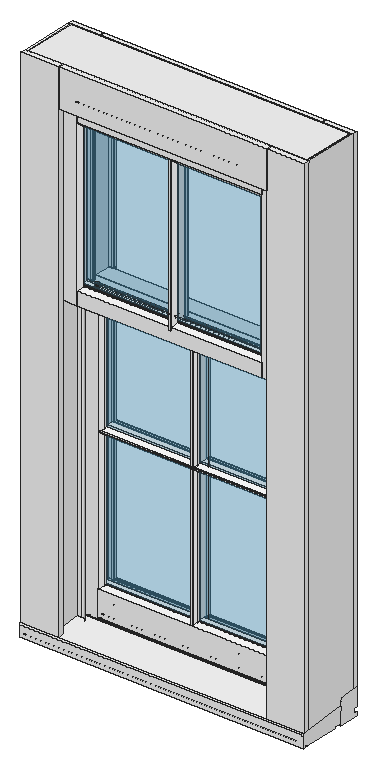
Revit family "B1-24", category Generic Models, Revit 2012
Parameters (values of type "Window Sill drawing")
  Width = 757 mm
  Height = 1397 mm
  GlazingPanelMaterial = Glass
  Floor Material = White
Reference planes
  plane 1 "Center (Front/Back)": y = 0
  plane 2: z = 0
  plane 3 "Center (Left/Right)": x = 0
  plane 4: z = 1397
  plane 5: x = -800
  plane 6: y = -21.25
  plane 7: y = 152.75
  plane 8: x = -669
  plane 9: y = -21.25
  plane 10: z = 872.63
  plane 11: z = 828.63
  plane 12: z = 1297
  plane 13: z = 1311
  plane 14: z = 33
  plane 15: z = 1315
  plane 16: z = 68
  plane 17: x = -43
  plane 18: x = -419.504
  plane 19: z = 1397
  plane 20: z = 1397
  plane 21: x = -125
  plane 22: x = -174
  plane 23: y = 112.422
  plane 24: y = 112.422
  plane 25: y = 112.422
Forms (mm)
  Extrusion 1, solid, material "White" <- "Floor Material"
    sketch origin (250, 0, 562.324) x (0, 1, 0) y (0, 0, 1)
      loop
        arc (117, 270.705) -> (122.657, 273.048) -> (125, 278.705) r 8
        line (125, 278.705) -> (128, 278.705) -> (128, 283.705) -> (109, 283.705) -> (109, 271.705) -> (112, 271.705) -> (113, 267.705) -> (117, 267.705) -> (117, 270.705)
      loop
        line (105, 279.705) -> (89, 279.705) -> (89, 269.705) -> (105, 269.705) -> (105, 279.705)
      loop
        line (60, 266.306) -> (60, 292.705) -> (54, 292.705) -> (54, 295.705) -> (12, 295.705) -> (12, 311.705) -> (10, 311.705) -> (0, 301.705) -> (0, 266.306) -> (30.175, 266.306) -> (60, 266.306)
      loop
        line (34, 309.705) -> (18, 309.705) -> (18, 299.705) -> (34, 299.705) -> (34, 309.705)
      loop
        arc (55.755, 295.456) -> (54.755, 294.456) -> (55.755, 293.456) r 1
        line (55.755, 293.456) -> (63.255, 293.456) -> (63.255, 297.426) -> (65.312, 294.614)
        arc (65.312, 294.614) -> (66.625, 294.715) -> (66.726, 296.028) r 1.012
        line (66.726, 296.028) -> (63.74, 300.11)
        arc (63.74, 300.11) -> (62.25, 300.634) -> (61.225, 299.432) r 1.396
        line (61.225, 299.432) -> (61.225, 295.456) -> (55.755, 295.456)
    from -917.922 to -424.078
  Extrusion 2, solid, material "White" <- "Floor Material"
    sketch origin (1015, 13.291, 509.518) x (0, 1, 0) y (0, 0, 1)
      loop
        line (69.709, 336.511) -> (96.209, 336.511) -> (96.209, 363.113) -> (50.709, 363.113) -> (50.709, 359.511) -> (52.709, 349.511) -> (57.709, 349.511) -> (57.709, 339.968) -> (63.93, 339.968) -> (63.93, 336.511) -> (57.709, 336.511) -> (57.709, 320.511) -> (69.709, 320.511) -> (69.709, 336.511)
      loop
        line (53.709, 320.511) -> (53.709, 325.511) -> (51.709, 335.511) -> (46.709, 335.511) -> (46.709, 320.511) -> (53.709, 320.511)
      loop
        line (46.709, 364.511) -> (28.709, 364.511) -> (27.709, 360.511) -> (24.709, 360.511) -> (24.709, 348.511) -> (46.709, 348.511) -> (46.709, 364.511)
      loop
        arc (62.256, 337.35) -> (63.256, 338.35) -> (62.256, 339.35) r 1
        line (62.256, 339.35) -> (54.756, 339.35) -> (54.756, 335.381) -> (52.7, 338.193)
        arc (52.7, 338.193) -> (51.387, 338.091) -> (51.286, 336.778) r 1.012
        line (51.286, 336.778) -> (54.271, 332.696)
        arc (54.271, 332.696) -> (55.761, 332.173) -> (56.786, 333.375) r 1.396
        line (56.786, 333.375) -> (56.786, 337.35) -> (62.256, 337.35)
    from -1684 to -1189.078
  Extrusion 3, solid, material "White" <- "Floor Material"
    sketch origin (865, 123.171, 523.242) x (0, 1, 0) y (0, 0, 1)
      loop
        line (-14.171, 306.296) -> (-10.171, 306.787) -> (-11.171, 310.787) -> (-14.171, 310.787) -> (-14.171, 306.296)
      loop
        line (-38.171, 306.542) -> (-38.171, 309.542) -> (-40.171, 309.787) -> (-40.171, 306.787) -> (-38.171, 306.542)
      loop
        line (-85.171, 351.278) -> (-85.171, 346.787) -> (-82.171, 346.787) -> (-81.171, 350.787) -> (-85.171, 351.278)
      loop
        line (-111.171, 347.787) -> (-109.171, 348.033) -> (-109.171, 351.033) -> (-111.171, 350.787) -> (-111.171, 347.787)
    from -1534 to -1039.078
  Extrusion 4, solid, material "Glass" <- "GlazingPanelMaterial"
    sketch origin (150, 64.106, 220.533) x (0, 1, 0) y (0, 0, 1)
      loop
        line (44.88, -103.528) -> (44.88, 613.496) -> (40.88, 613.496) -> (40.88, -103.528) -> (44.88, -103.528)
      loop
        line (24.88, 611.496) -> (20.88, 611.496) -> (20.88, -103.528) -> (24.88, -103.528) -> (24.88, 611.496)
    from -819 to -324.078
  Extrusion 5, solid, material "White" <- "Floor Material"
    sketch origin (761.418, 125.498, 869.228) x (0, -0.121869, -0.992546) y (0, 0.992546, -0.121869)
      loop
        line (28.327, -57.65) -> (23.969, -54.354)
        arc (23.969, -54.354) -> (22.506, -54.612) -> (22.765, -56.075) r 1.05
        line (22.765, -56.075) -> (26.332, -58.837)
        arc (26.332, -58.837) -> (26.584, -59.776) -> (25.835, -60.396) r 0.9
        line (25.835, -60.396) -> (19.693, -61.15)
        arc (19.693, -61.15) -> (19.162, -61.383) -> (18.989, -61.936) r 0.7
        line (18.989, -61.936) -> (19.197, -63.633) -> (19.712, -64.398) -> (20.1, -67.562) -> (19.196, -66.76) -> (19.293, -67.554) -> (20.152, -68.225) -> (20.951, -68.183) -> (23.094, -67.324) -> (22.996, -66.53) -> (20.532, -66.978) -> (20.205, -64.315)
        arc (20.205, -64.315) -> (20.389, -63.651) -> (20.989, -63.312) r 0.9
        line (20.989, -63.312) -> (28.761, -62.358)
        arc (28.761, -62.358) -> (29.205, -62.1) -> (29.324, -61.601) r 0.65
        line (29.324, -61.601) -> (28.752, -58.33)
        arc (28.752, -58.33) -> (28.631, -57.932) -> (28.327, -57.65) r 0.798
    from -1430.418 to -935.496
  Extrusion 6, solid, material "White" <- "Floor Material"
    sketch origin (911.418, 126.532, 870.463) x (0, -0.121869, -0.992546) y (0, 0.992546, -0.121869)
      loop
        arc (25.38, -55.148) -> (23.778, -55.428) -> (24.057, -57.03) r 1.15
        line (24.057, -57.03) -> (27.62, -59.789)
        arc (27.62, -59.789) -> (27.84, -60.623) -> (27.175, -61.172) r 0.8
        line (27.175, -61.172) -> (20.939, -61.931)
        arc (20.939, -61.931) -> (20.405, -62.232) -> (20.241, -62.823) r 0.8
        line (20.241, -62.823) -> (20.45, -64.52) -> (20.968, -65.312) -> (21.339, -68.337) -> (20.548, -67.635) -> (20.645, -68.429) -> (21.504, -69.1) -> (22.303, -69.058) -> (24.446, -68.2) -> (24.348, -67.406) -> (21.983, -67.835) -> (21.657, -65.178)
        arc (21.657, -65.178) -> (21.82, -64.588) -> (22.353, -64.287) r 0.8
        line (22.353, -64.287) -> (30.127, -63.332)
        arc (30.127, -63.332) -> (30.638, -63.034) -> (30.774, -62.459) r 0.75
        line (30.774, -62.459) -> (30.244, -59.424)
        arc (30.244, -59.424) -> (30.154, -58.918) -> (29.833, -58.516) r 1.042
        line (29.833, -58.516) -> (25.38, -55.148)
    from -1580.418 to -1085.496
  Extrusion 7, solid, material "White" <- "Floor Material"
    sketch origin (861.418, 121.497, 882.106) x (0, -0.121869, -0.992546) y (0, 0.992546, -0.121869)
      loop
        line (37.899, -55.316) -> (32.161, -55.997)
        arc (32.161, -55.997) -> (31.827, -56.184) -> (31.724, -56.554) r 0.5
        line (31.724, -56.554) -> (32.395, -62.021) -> (31.491, -61.219) -> (31.588, -62.013) -> (32.447, -62.684) -> (33.246, -62.642) -> (35.389, -61.784) -> (35.291, -60.989) -> (32.827, -61.437) -> (32.285, -57.019)
        arc (32.285, -57.019) -> (32.428, -56.659) -> (32.772, -56.479) r 0.558
        line (32.772, -56.479) -> (37.96, -55.818)
        arc (37.96, -55.818) -> (38.179, -55.536) -> (37.899, -55.316) r 0.253
    from -1530.418 to -1035.496
  Extrusion 8, solid, material "White" <- "Floor Material"
    sketch origin (-78.582, 5.502, 835.112) x (0, 0.121869, 0.992546) y (0, -0.992546, 0.121869)
      loop
        line (28.327, -57.65) -> (23.969, -54.354)
        arc (23.969, -54.354) -> (22.506, -54.612) -> (22.765, -56.075) r 1.05
        line (22.765, -56.075) -> (26.332, -58.837)
        arc (26.332, -58.837) -> (26.584, -59.776) -> (25.835, -60.396) r 0.9
        line (25.835, -60.396) -> (19.693, -61.15)
        arc (19.693, -61.15) -> (19.162, -61.383) -> (18.989, -61.936) r 0.7
        line (18.989, -61.936) -> (19.197, -63.633) -> (19.712, -64.398) -> (20.1, -67.562) -> (19.196, -66.76) -> (19.293, -67.554) -> (20.152, -68.225) -> (20.951, -68.183) -> (23.094, -67.324) -> (22.996, -66.53) -> (20.532, -66.978) -> (20.205, -64.315)
        arc (20.205, -64.315) -> (20.389, -63.651) -> (20.989, -63.312) r 0.9
        line (20.989, -63.312) -> (28.761, -62.358)
        arc (28.761, -62.358) -> (29.205, -62.1) -> (29.324, -61.601) r 0.65
        line (29.324, -61.601) -> (28.752, -58.33)
        arc (28.752, -58.33) -> (28.631, -57.932) -> (28.327, -57.65) r 0.798
    from -590.418 to -95.496
  Extrusion 9, solid, material "White" <- "Floor Material"
    sketch origin (736.418, 9.503, 822.234) x (0, 0.121869, 0.992546) y (0, -0.992546, 0.121869)
      loop
        line (37.899, -55.316) -> (32.161, -55.997)
        arc (32.161, -55.997) -> (31.827, -56.184) -> (31.724, -56.554) r 0.5
        line (31.724, -56.554) -> (32.395, -62.021) -> (31.491, -61.219) -> (31.588, -62.013) -> (32.447, -62.684) -> (33.246, -62.642) -> (35.389, -61.784) -> (35.291, -60.989) -> (32.827, -61.437) -> (32.285, -57.019)
        arc (32.285, -57.019) -> (32.428, -56.659) -> (32.772, -56.479) r 0.558
        line (32.772, -56.479) -> (37.96, -55.818)
        arc (37.96, -55.818) -> (38.179, -55.536) -> (37.899, -55.316) r 0.253
    from -1405.418 to -910.496
  Extrusion 10, solid, material "White" <- "Floor Material"
    sketch origin (815, 0, 562.324) x (0, 1, 0) y (0, 0, 1)
      loop
        line (38, 299.705) -> (12, 299.705) -> (12, 295.705) -> (38, 295.705) -> (38, 299.705)
      loop
        line (109, 283.705) -> (83, 283.705) -> (83, 279.705) -> (109, 279.705) -> (109, 283.705)
    from -1484 to -1234.582
  Extrusion 11, solid, not visible
    sketch origin (0, 0, 9.375) x (0, 1, 0) y (0, 0, 1)
      loop
        line (94.662, 311.911) -> (94.314, 312.868) -> (95.314, 312.868) -> (93.454, 317.977) -> (86.115, 317.977) -> (85.011, 317.575) -> (64.143, 317.575) -> (64.143, 311.911) -> (94.662, 311.911)
    from 0 to 250
  Extrusion 12, solid, not visible
    sketch origin (0, 0, 9.375) x (0, 1, 0) y (0, 0, 1)
      loop
        line (93.688, 317.334) -> (85.92, 317.334) -> (87.101, 312.926) -> (95.293, 312.926) -> (93.688, 317.334)
      loop
        line (91.853, 322.376) -> (91.853, 328.194)
        arc (91.853, 328.194) -> (91.424, 329.231) -> (90.388, 329.66) r 1.465
        line (90.388, 329.66) -> (71.853, 329.66) -> (71.853, 322.376) -> (91.853, 322.376)
      loop
        line (73.373, 320.598) -> (64.143, 320.598) -> (64.143, 317.575) -> (73.373, 317.575) -> (73.373, 320.598)
      loop
        line (61.169, 311.884) -> (61.169, 316.884) -> (56.169, 316.884)
        arc (56.169, 316.884) -> (53.926, 317.813) -> (52.996, 320.057) r 3.173
        line (52.996, 320.057) -> (52.996, 327.594)
        arc (52.996, 327.594) -> (53.247, 329.284) -> (54.656, 330.25) r 2.138
        line (54.656, 330.25) -> (56.493, 330.25)
        arc (56.493, 330.25) -> (57.939, 329.727) -> (58.925, 328.548) r 2.95
        line (58.925, 328.548) -> (59.306, 324.922) -> (61.24, 324.922) -> (60.612, 330.901)
        arc (60.612, 330.901) -> (59.723, 332.646) -> (57.894, 333.348) r 2.733
        line (57.894, 333.348) -> (52.423, 333.348)
        arc (52.423, 333.348) -> (50.164, 330.795) -> (49.999, 327.391) r 5.139
        line (49.999, 327.391) -> (47.957, 316.884)
        arc (47.957, 316.884) -> (49.179, 314.507) -> (49.698, 311.884) r 9.583
        line (49.698, 311.884) -> (61.169, 311.884)
    from 0 to 250
  Extrusion 13, solid, material "White" <- "Floor Material"
    sketch origin (0, -21.25, 1002.251) x (0, 1, 0) y (0, 0, 1)
      loop
        arc (81.5, 305.749) -> (80.621, 307.871) -> (78.5, 308.749) r 3
        line (78.5, 308.749) -> (73.5, 308.749) -> (73.5, 302.749) -> (70.5, 302.749) -> (70.5, 308.749) -> (24.5, 308.749)
        arc (24.5, 308.749) -> (22.379, 307.871) -> (21.5, 305.749) r 3
        line (21.5, 305.749) -> (21.5, 262.749) -> (31.5, 252.749) -> (33.5, 252.749) -> (33.5, 268.749) -> (81.5, 268.749) -> (81.5, 305.749)
    from -667.921 to -175.079
  Extrusion 14, solid, material "White" <- "Floor Material"
    sketch origin (50, -21.25, 1013.188) x (0, 1, 0) y (0, 0, 1)
      loop
        line (78.5, 268.749) -> (59.5, 268.749) -> (59.5, 256.749) -> (62.5, 256.749) -> (63.5, 252.749) -> (67.5, 252.749) -> (67.5, 255.749)
        arc (67.5, 255.749) -> (73.157, 258.092) -> (75.5, 263.749) r 8
        line (75.5, 263.749) -> (78.5, 263.749) -> (78.5, 268.749)
      loop
        line (67.534, 317.378) -> (63.288, 313.116) -> (63.101, 309.432)
        arc (63.101, 309.432) -> (63.279, 308.951) -> (63.75, 308.749) r 0.65
        line (63.75, 308.749) -> (71.582, 308.749)
        arc (71.582, 308.749) -> (72.219, 308.486) -> (72.482, 307.849) r 0.9
        line (72.482, 307.849) -> (72.482, 305.266) -> (69.639, 305.266) -> (69.639, 304.437) -> (70.5, 304.437) -> (72.582, 304.032) -> (73.5, 304.437) -> (73.5, 308.749) -> (73.4, 310.459)
        arc (73.4, 310.459) -> (73.16, 310.987) -> (72.605, 311.153) r 0.7
        line (72.605, 311.153) -> (66.417, 311.153)
        arc (66.417, 311.153) -> (65.695, 311.514) -> (65.553, 312.309) r 0.9
        line (65.553, 312.309) -> (68.938, 315.817)
        arc (68.938, 315.817) -> (69.016, 317.299) -> (67.534, 317.378) r 1.05
    from -719 to -224
  Extrusion 15, solid, material "White" <- "Floor Material"
    sketch origin (50, -21.25, 1002.251) x (0, 1, 0) y (0, 0, 1)
      loop
        line (154, 344.749) -> (154, 388.749) -> (20, 388.749) -> (20, 344.749) -> (154, 344.749)
    from -749.921 to -193.079
  Extrusion 16, solid, material "Glass" <- "GlazingPanelMaterial"
    sketch origin (0, -6.957, 1101.493) x (0, 1, 0) y (0, 0, 1)
      loop
        line (45.207, -226.973) -> (45.207, 169.507) -> (41.207, 169.507) -> (41.207, -226.973) -> (45.207, -226.973)
      loop
        line (24.957, 169.507) -> (20.957, 169.507) -> (20.957, -226.973) -> (24.957, -226.973) -> (24.957, 169.507)
    from -669 to -174.078
  Extrusion 17, solid, material "White" <- "Floor Material"
    sketch origin (-72.332, 95.318, 1434.485) x (0, 1, 0) y (0, 0, 1)
      loop
        line (-97.368, -115.408) -> (-98.782, -115.408) -> (-98.782, -120.691) -> (-97.368, -120.691) -> (-97.368, -119.602) -> (-97.368, -116.493) -> (-97.368, -115.408)
    from -596.668 to -347.25
  Extrusion 18, solid, material "White" <- "Floor Material"
    sketch origin (50, -21.25, 1013.188) x (0, 1, 0) y (0, 0, 1)
      loop
        line (17, 304.499) -> (13, 304.499) -> (13, 301.999) -> (17, 301.999) -> (17, 299.749) -> (20, 299.749) -> (20, 301.694) -> (19.2, 301.694) -> (19.2, 300.606) -> (17.786, 300.606) -> (17.786, 305.893) -> (19.2, 305.893) -> (19.2, 304.804) -> (20, 304.804) -> (20, 306.749) -> (17, 306.749) -> (17, 304.499)
    from -719 to -224
  Extrusion 19, solid, material "White" <- "Floor Material"
    sketch origin (50, -21.25, 1013.188) x (0, 1, 0) y (0, 0, 1)
      loop
        line (23.862, 300.393) -> (23.862, 306.074)
        spline (23.862, 306.074) -> (23.6, 305.683) -> (23.284, 305.425) -> (22.922, 305.27) -> (22.524, 305.189) -> (22.101, 305.153) -> (21.66, 305.133) -> (21.213, 305.1) -> (20.767, 305.024) -> (20.334, 304.876) -> (19.922, 304.627) -> (19.541, 304.248) -> (19.2, 303.71)
        line (19.2, 303.71) -> (19.2, 302.476)
        spline (19.2, 302.476) -> (19.558, 301.967) -> (19.948, 301.615) -> (20.362, 301.392) -> (20.792, 301.269) -> (21.23, 301.216) -> (21.669, 301.205) -> (22.099, 301.206) -> (22.515, 301.191) -> (22.906, 301.132) -> (23.267, 300.998) -> (23.588, 300.761) -> (23.862, 300.393)
    from -719 to -224
  Extrusion 20, solid, material "White" <- "Floor Material"
    sketch origin (-22.332, 36.182, 1434.485) x (0, -1, 0) y (0, 0, -1)
      loop
        line (-97.368, 115.408) -> (-97.368, 116.493) -> (-97.368, 119.602) -> (-97.368, 120.691) -> (-98.782, 120.691) -> (-98.782, 115.408) -> (-97.368, 115.408)
    from -646.668 to -397.25
  Extrusion 21, solid, material "White" <- "Floor Material"
    sketch origin (25, 152.75, 1013.188) x (0, -1, 0) y (0, 0, -1)
      loop
        spline (23.862, -300.393) -> (23.588, -300.761) -> (23.267, -300.998) -> (22.906, -301.132) -> (22.515, -301.191) -> (22.099, -301.206) -> (21.669, -301.205) -> (21.23, -301.216) -> (20.792, -301.269) -> (20.362, -301.392) -> (19.948, -301.615) -> (19.558, -301.967) -> (19.2, -302.476)
        line (19.2, -302.476) -> (19.2, -303.71)
        spline (19.2, -303.71) -> (19.541, -304.248) -> (19.922, -304.627) -> (20.334, -304.876) -> (20.767, -305.024) -> (21.213, -305.1) -> (21.66, -305.133) -> (22.101, -305.153) -> (22.524, -305.189) -> (22.922, -305.27) -> (23.284, -305.425) -> (23.6, -305.683) -> (23.862, -306.074)
        line (23.862, -306.074) -> (23.862, -300.393)
    from -694 to -444.582
  Extrusion 22, solid, material "White" <- "Floor Material"
    sketch origin (50, 234.566, 1129.409) x (0, 1, 0) y (0, 0, 1)
      loop
        line (-222.316, 137.529) -> (-220.566, 137.744) -> (-220.566, 140.529) -> (-222.316, 140.529) -> (-222.316, 137.529)
      loop
        line (-193.316, 140.529) -> (-196.316, 140.529) -> (-196.316, 136.529) -> (-192.316, 136.529) -> (-193.316, 140.529)
    from -719 to -224
  Extrusion 23, solid, material "White" <- "Floor Material"
    sketch origin (50, -21.25, 1002.251) x (0, 1, 0) y (0, 0, 1)
      loop
        line (174, 312.749) -> (174, 388.749) -> (20, 388.749) -> (20, 329.749) -> (15, 329.749) -> (15, 321.749) -> (20, 321.749) -> (20, 312.749) -> (83, 312.749) -> (83, 319.749) -> (91, 319.749) -> (91, 312.749) -> (174, 312.749)
    from -767.938 to -175.062
  Extrusion 24, solid, material "White" <- "Floor Material"
    sketch origin (-172.332, 69.685, -12.907) x (0, -1, 0) y (0, 0, -1)
      loop
        line (-28.815, -17.907) -> (-28.815, -45.907) -> (-33.815, -45.907) -> (-33.815, -60.907) -> (-28.815, -60.907) -> (92.551, -46.005)
        arc (92.551, -46.005) -> (94.432, -45.015) -> (95.185, -43.027) r 3
        line (95.185, -43.027) -> (95.185, -12.907) -> (90.185, -12.907) -> (90.185, -14.907)
        arc (90.185, -14.907) -> (87.185, -17.907) -> (84.185, -14.907) r 3
        line (84.185, -14.907) -> (84.185, -12.907) -> (-8.815, -12.907) -> (-8.815, -17.907) -> (-28.815, -17.907)
    from -627.668 to 129.332
  Extrusion 25, solid, material "White" <- "Floor Material"
    sketch origin (-172.332, 69.685, 0) x (0, -1, 0) y (0, 0, -1)
      loop
        line (-82.815, 0) -> (-82.815, -10) -> (-72.815, -10) -> (-72.815, -20) -> (-82.815, -20) -> (-82.815, -68) -> (-62.815, -68) -> (-28.815, -63.825) -> (-28.815, -58.913)
        arc (-28.815, -58.913) -> (-31.815, -55.913) -> (-28.815, -52.913) r 3
        line (-28.815, -52.913) -> (-28.815, -48) -> (-33.815, -48) -> (-33.815, -33) -> (-28.815, -33) -> (-28.815, 0) -> (-82.815, 0)
    from -627.668 to 129.332
  Extrusion 26, solid, material "White" <- "Floor Material"
    sketch origin (-172.332, 75.723, -26.266) x (0, -1, 0) y (0, 0, -1)
      loop
        line (-6.277, -76.621) -> (-17.277, -77.972) -> (-17.277, -99.936) -> (-21.277, -99.936) -> (-21.277, -139.271) -> (-7.277, -139.271) -> (-7.277, -155.271) -> (-5.277, -155.271) -> (4.723, -145.271) -> (4.723, -77.246)
        arc (4.723, -77.246) -> (3.711, -74.999) -> (1.357, -74.268) r 3
        line (1.357, -74.268) -> (-3.277, -74.837) -> (-3.277, -82.253) -> (-6.277, -82.253) -> (-6.277, -76.621)
      loop
        line (-55.277, -139.271) -> (-29.277, -139.271) -> (-29.277, -99.936) -> (-33.277, -99.936) -> (-33.277, -94.936) -> (-44.277, -96.287) -> (-44.277, -102.287) -> (-47.277, -102.287) -> (-47.277, -96.655) -> (-52.643, -97.314)
        arc (-52.643, -97.314) -> (-54.524, -98.304) -> (-55.277, -100.292) r 3
        line (-55.277, -100.292) -> (-55.277, -139.271)
    from -495.589 to -2.746
  Extrusion 27, solid, material "White" <- "Floor Material"
    sketch origin (-172.332, 36.806, -33.552) x (0, -1, 0) y (0, 0, -1)
      loop
        line (-97.22, -108.207) -> (-97.22, -106.552) -> (-98.72, -106.552) -> (-98.72, -111.552) -> (-97.22, -111.552) -> (-97.22, -109.898)
        spline (-97.22, -109.898) -> (-96.846, -110.536) -> (-96.419, -110.991) -> (-95.951, -111.297) -> (-95.454, -111.486) -> (-94.941, -111.593) -> (-94.423, -111.65) -> (-93.912, -111.691) -> (-93.422, -111.75) -> (-92.964, -111.859) -> (-92.55, -112.054) -> (-92.193, -112.366) -> (-91.905, -112.83)
        line (-91.905, -112.83) -> (-91.905, -105.274)
        spline (-91.905, -105.274) -> (-92.193, -105.738) -> (-92.55, -106.051) -> (-92.964, -106.245) -> (-93.422, -106.355) -> (-93.912, -106.414) -> (-94.423, -106.455) -> (-94.941, -106.512) -> (-95.454, -106.619) -> (-95.951, -106.808) -> (-96.419, -107.113) -> (-96.846, -107.569) -> (-97.22, -108.207)
    from -496.668 to -1.746
  Extrusion 28, solid, material "White" <- "Floor Material"
    sketch origin (-172.332, 73.367, -7.569) x (0, -1, 0) y (0, 0, -1)
      loop
        line (-54.633, -125.574) -> (-51.633, -125.574)
        arc (-51.633, -125.574) -> (-49.289, -131.23) -> (-43.633, -133.574) r 8
        line (-43.633, -133.574) -> (-43.633, -136.574) -> (-39.633, -136.574) -> (-38.633, -132.574) -> (-35.633, -132.574) -> (-35.633, -120.574) -> (-54.633, -120.574) -> (-54.633, -125.574)
    from -496.668 to -1.746
  Extrusion 29, solid, material "White" <- "Floor Material"
    sketch origin (-172.332, 69.685, 0) x (0, -1, 0) y (0, 0, -1)
      loop
        line (-39.315, -113.004) -> (-39.315, -117.004) -> (-15.315, -117.004) -> (-15.315, -126.25) -> (-13.315, -126.004) -> (-13.315, -113.004) -> (-39.315, -113.004)
    from -496.668 to -1.746
  Extrusion 30, solid, material "White" <- "Floor Material"
    sketch origin (-153.582, 101.098, -13.29) x (0, -1, 0) y (0, 0, -1)
      loop
        line (28.327, -57.65) -> (23.969, -54.354)
        arc (23.969, -54.354) -> (22.506, -54.612) -> (22.765, -56.075) r 1.05
        line (22.765, -56.075) -> (26.332, -58.837)
        arc (26.332, -58.837) -> (26.584, -59.776) -> (25.835, -60.396) r 0.9
        line (25.835, -60.396) -> (19.693, -61.15)
        arc (19.693, -61.15) -> (19.162, -61.383) -> (18.989, -61.936) r 0.7
        line (18.989, -61.936) -> (19.197, -63.633) -> (19.712, -64.398) -> (20.1, -67.562) -> (19.196, -66.76) -> (19.293, -67.554) -> (20.152, -68.225) -> (20.951, -68.183) -> (23.094, -67.324) -> (22.996, -66.53) -> (20.532, -66.978) -> (20.205, -64.315)
        arc (20.205, -64.315) -> (20.389, -63.651) -> (20.989, -63.312) r 0.9
        line (20.989, -63.312) -> (28.761, -62.358)
        arc (28.761, -62.358) -> (29.205, -62.1) -> (29.324, -61.601) r 0.65
        line (29.324, -61.601) -> (28.752, -58.33)
        arc (28.752, -58.33) -> (28.631, -57.932) -> (28.327, -57.65) r 0.798
    from -546.339 to -20.496
  Extrusion 31, solid, material "White" <- "Floor Material"
    sketch origin (-153.582, 113.393, -7.749) x (0, -1, 0) y (0, 0, -1)
      loop
        line (37.899, -55.316) -> (32.161, -55.997)
        arc (32.161, -55.997) -> (31.827, -56.184) -> (31.724, -56.554) r 0.5
        line (31.724, -56.554) -> (32.395, -62.021) -> (31.491, -61.219) -> (31.588, -62.013) -> (32.447, -62.684) -> (33.246, -62.642) -> (35.389, -61.784) -> (35.291, -60.989) -> (32.827, -61.437) -> (32.285, -57.019)
        arc (32.285, -57.019) -> (32.428, -56.659) -> (32.772, -56.479) r 0.558
        line (32.772, -56.479) -> (37.96, -55.818)
        arc (37.96, -55.818) -> (38.179, -55.536) -> (37.899, -55.316) r 0.253
    from -515.418 to -20.496
  Extrusion 32, solid, material "White" <- "Floor Material"
    sketch origin (-172.332, 69.685, 0) x (0, -1, 0) y (0, 0, -1)
      loop
        line (-35.315, -127.004) -> (-19.315, -127.004) -> (-19.315, -117.004) -> (-35.315, -117.004) -> (-35.315, -127.004)
    from -496.668 to -5.928
  Extrusion 33, solid, material "White" <- "Floor Material"
    sketch origin (-153.582, 142.098, 6.744) x (0, -1, 0) y (0, 0, -1)
      loop
        line (28.327, -57.65) -> (23.969, -54.354)
        arc (23.969, -54.354) -> (22.506, -54.612) -> (22.765, -56.075) r 1.05
        line (22.765, -56.075) -> (26.332, -58.837)
        arc (26.332, -58.837) -> (26.584, -59.776) -> (25.835, -60.396) r 0.9
        line (25.835, -60.396) -> (19.693, -61.15)
        arc (19.693, -61.15) -> (19.162, -61.383) -> (18.989, -61.936) r 0.7
        line (18.989, -61.936) -> (19.197, -63.633) -> (19.712, -64.398) -> (20.1, -67.562) -> (19.196, -66.76) -> (19.293, -67.554) -> (20.152, -68.225) -> (20.951, -68.183) -> (23.094, -67.324) -> (22.996, -66.53) -> (20.532, -66.978) -> (20.205, -64.315)
        arc (20.205, -64.315) -> (20.389, -63.651) -> (20.989, -63.312) r 0.9
        line (20.989, -63.312) -> (28.761, -62.358)
        arc (28.761, -62.358) -> (29.205, -62.1) -> (29.324, -61.601) r 0.65
        line (29.324, -61.601) -> (28.752, -58.33)
        arc (28.752, -58.33) -> (28.631, -57.932) -> (28.327, -57.65) r 0.798
    from -515.418 to -20.496
  Extrusion 34, solid, material "White" <- "Floor Material"
    sketch origin (-153.582, 143.45, 5.869) x (0, -1, 0) y (0, 0, -1)
      loop
        arc (25.38, -55.148) -> (23.778, -55.428) -> (24.057, -57.03) r 1.15
        line (24.057, -57.03) -> (27.62, -59.789)
        arc (27.62, -59.789) -> (27.84, -60.623) -> (27.175, -61.172) r 0.8
        line (27.175, -61.172) -> (20.939, -61.931)
        arc (20.939, -61.931) -> (20.405, -62.232) -> (20.241, -62.823) r 0.8
        line (20.241, -62.823) -> (20.45, -64.52) -> (20.968, -65.312) -> (21.339, -68.337) -> (20.548, -67.635) -> (20.645, -68.429) -> (21.504, -69.1) -> (22.303, -69.058) -> (24.446, -68.2) -> (24.348, -67.406) -> (21.983, -67.835) -> (21.657, -65.178)
        arc (21.657, -65.178) -> (21.82, -64.588) -> (22.353, -64.287) r 0.8
        line (22.353, -64.287) -> (30.127, -63.332)
        arc (30.127, -63.332) -> (30.638, -63.034) -> (30.774, -62.459) r 0.75
        line (30.774, -62.459) -> (30.244, -59.424)
        arc (30.244, -59.424) -> (30.154, -58.918) -> (29.833, -58.516) r 1.042
        line (29.833, -58.516) -> (25.38, -55.148)
    from -515.418 to -20.496
  Extrusion 35, solid, material "White" <- "Floor Material"
    sketch origin (-153.582, 154.393, 12.285) x (0, -1, 0) y (0, 0, -1)
      loop
        line (37.899, -55.316) -> (32.161, -55.997)
        arc (32.161, -55.997) -> (31.827, -56.184) -> (31.724, -56.554) r 0.5
        line (31.724, -56.554) -> (32.395, -62.021) -> (31.491, -61.219) -> (31.588, -62.013) -> (32.447, -62.684) -> (33.246, -62.642) -> (35.389, -61.784) -> (35.291, -60.989) -> (32.827, -61.437) -> (32.285, -57.019)
        arc (32.285, -57.019) -> (32.428, -56.659) -> (32.772, -56.479) r 0.558
        line (32.772, -56.479) -> (37.96, -55.818)
        arc (37.96, -55.818) -> (38.179, -55.536) -> (37.899, -55.316) r 0.253
    from -515.418 to -20.496
  Extrusion 36, solid, material "White" <- "Floor Material"
    sketch origin (-172.332, 69.685, 0) x (0, -1, 0) y (0, 0, -1)
      loop
        line (-39.315, -129.495) -> (-39.315, -125.004) -> (-42.315, -125.004) -> (-43.315, -129.004) -> (-39.315, -129.495)
      loop
        line (-15.315, -129.25) -> (-13.315, -129.004) -> (-13.315, -126.004) -> (-15.315, -126.25) -> (-15.315, -129.25)
    from -496.668 to -1.746
  Extrusion 37, solid, material "White" <- "Floor Material"
    sketch origin (-511.418, -643.153, 0) x (1, 0, 0) y (0, 1, 0)
      loop
        line (-280.004, 695.902) -> (-280.004, 650.902) -> (-235.004, 650.902) -> (-235.004, 695.902) -> (-280.004, 695.902)
      loop
        circle (-257.504, 673.402) r 3.5
      loop
        circle (-257.504, 744.402) r 3.5
      loop
        line (-235.004, 766.902) -> (-280.004, 766.902) -> (-280.004, 721.902) -> (-235.004, 721.902) -> (-235.004, 766.902)
      loop
        line (-281.504, 707.402) -> (-233.504, 707.402) -> (-233.504, 710.402) -> (-281.504, 710.402) -> (-281.504, 707.402)
      loop
        line (-206.504, 712.902) -> (-213.504, 712.902) -> (-213.504, 704.902) -> (-192.504, 704.902)
        arc (-192.504, 704.902) -> (-188.504, 708.902) -> (-192.504, 712.902) r 4
        line (-192.504, 712.902) -> (-206.504, 712.902)
    from 33 to 1297
  Extrusion 38, solid, material "White" <- "Floor Material"
    sketch origin (-511.434, -643.965, 0) x (1, 0, 0) y (0, 1, 0)
      loop
        line (-209.504, 752.402) -> (-254.504, 752.402) -> (-254.504, 736.402) -> (-209.504, 736.402) -> (-209.504, 729.902) -> (-206.504, 729.902) -> (-206.504, 758.902) -> (-209.504, 758.902) -> (-209.504, 752.402)
      loop
        line (-254.504, 681.402) -> (-254.504, 665.402) -> (-209.504, 665.402) -> (-209.504, 658.902) -> (-206.504, 658.902) -> (-206.504, 687.902) -> (-209.504, 687.902) -> (-209.504, 681.402) -> (-254.504, 681.402)
    from 33 to 1297
  Extrusion 39, solid, material "White" <- "Floor Material"
    sketch origin (-511.418, -571.902, -672) x (1, 0, 0) y (0, 1, 0)
      loop
        line (-156.504, 643.402) -> (-146.504, 653.402) -> (-146.504, 655.402) -> (-162.504, 655.402) -> (-162.504, 703.402) -> (-199.504, 703.402)
        arc (-199.504, 703.402) -> (-201.625, 702.524) -> (-202.504, 700.402) r 3
        line (-202.504, 700.402) -> (-202.504, 679.402) -> (-196.504, 679.402) -> (-196.504, 667.402) -> (-202.504, 667.402) -> (-202.504, 654.402) -> (-196.504, 654.402) -> (-196.504, 651.402) -> (-202.504, 651.402) -> (-202.504, 646.402)
        arc (-202.504, 646.402) -> (-201.625, 644.281) -> (-199.504, 643.402) r 3
        line (-199.504, 643.402) -> (-156.504, 643.402)
    from 717.039 to 1502.029
  Extrusion 40, solid, material "White" <- "Floor Material"
    sketch origin (-511.418, -571.902, -672) x (1, 0, 0) y (0, 1, 0)
      loop
        line (-162.504, 700.402) -> (-162.504, 681.402) -> (-150.504, 681.402) -> (-150.504, 684.402) -> (-146.504, 685.402) -> (-146.504, 689.402) -> (-149.504, 689.402)
        arc (-149.504, 689.402) -> (-151.847, 695.059) -> (-157.504, 697.402) r 8
        line (-157.504, 697.402) -> (-157.504, 700.402) -> (-162.504, 700.402)
    from 705 to 1544.63
  Extrusion 41, solid, not visible
    sketch origin (-848.022, -244.537, 0) x (1, 0, 0) y (0, 1, 0)
      loop
        line (-156.504, 643.402) -> (-146.504, 653.402) -> (-146.504, 655.402) -> (-162.504, 655.402) -> (-162.504, 703.402) -> (-199.504, 703.402)
        arc (-199.504, 703.402) -> (-201.625, 702.524) -> (-202.504, 700.402) r 3
        line (-202.504, 700.402) -> (-202.504, 695.402) -> (-196.504, 695.402) -> (-196.504, 692.402) -> (-202.504, 692.402) -> (-202.504, 679.402) -> (-196.504, 679.402) -> (-196.504, 667.402) -> (-202.504, 667.402) -> (-202.504, 646.402)
        arc (-202.504, 646.402) -> (-201.625, 644.281) -> (-199.504, 643.402) r 3
        line (-199.504, 643.402) -> (-156.504, 643.402)
    from 672 to 1294
  Extrusion 42, solid, not visible
    sketch origin (-848.022, -244.537, 0) x (1, 0, 0) y (0, 1, 0)
      loop
        line (-162.504, 700.402) -> (-162.504, 681.402) -> (-150.504, 681.402) -> (-150.504, 684.402) -> (-146.504, 685.402) -> (-146.504, 689.402) -> (-149.504, 689.402)
        arc (-149.504, 689.402) -> (-151.847, 695.059) -> (-157.504, 697.402) r 8
        line (-157.504, 697.402) -> (-157.504, 700.402) -> (-162.504, 700.402)
    from 672 to 1294
  Extrusion 43, solid, material "White" <- "Floor Material"
    sketch origin (-511.418, -714.403, -40) x (1, 0, 0) y (0, 1, 0)
      loop
        arc (-199.504, 774.402) -> (-201.625, 773.524) -> (-202.504, 771.402) r 3
        line (-202.504, 771.402) -> (-202.504, 766.402) -> (-196.504, 766.402) -> (-196.504, 763.402) -> (-202.504, 763.402) -> (-202.504, 750.402) -> (-196.504, 750.402) -> (-196.504, 738.402) -> (-202.504, 738.402) -> (-202.504, 717.402)
        arc (-202.504, 717.402) -> (-201.625, 715.281) -> (-199.504, 714.402) r 3
        line (-199.504, 714.402) -> (-156.504, 714.402) -> (-146.504, 724.402) -> (-146.504, 726.402) -> (-162.504, 726.402) -> (-162.504, 774.402) -> (-199.504, 774.402)
    from 868.63 to 1351
  Extrusion 44, solid, material "White" <- "Floor Material"
    sketch origin (-511.418, -714.403, -85) x (1, 0, 0) y (0, 1, 0)
      loop
        line (-157.504, 771.402) -> (-162.504, 771.402) -> (-162.504, 752.402) -> (-150.504, 752.402) -> (-150.504, 755.402) -> (-146.504, 756.402) -> (-146.504, 760.402) -> (-149.504, 760.402)
        arc (-149.504, 760.402) -> (-151.847, 766.059) -> (-157.504, 768.402) r 8
        line (-157.504, 768.402) -> (-157.504, 771.402)
    from 913.63 to 1396
  Extrusion 45, solid, material "White" <- "Floor Material"
    sketch origin (-511.418, 774.897, -660) x (1, 0, 0) y (0, 1, 0)
      loop
        arc (-204.331, -687.749) -> (-207.239, -689.467) -> (-208.592, -692.561) r 5.492
        arc (-208.592, -692.561) -> (-208.577, -693.238) -> (-207.9, -693.253) r 0.49
        line (-207.9, -693.253) -> (-207.702, -692.118)
        arc (-207.702, -692.118) -> (-206.44, -689.941) -> (-204.202, -688.789) r 4.477
        arc (-204.202, -688.789) -> (-203.814, -688.735) -> (-203.578, -688.421) r 0.511
        line (-203.578, -688.421) -> (-203.578, -686.619)
        arc (-203.578, -686.619) -> (-203.274, -687.204) -> (-203.257, -687.863) r 1.462
        line (-203.257, -687.863) -> (-203.257, -695.734)
        arc (-203.257, -695.734) -> (-202.89, -696.174) -> (-202.523, -695.734) r 0.373
        line (-202.523, -695.734) -> (-202.523, -693.221) -> (-200.345, -693.221) -> (-201.733, -694.086) -> (-199.555, -694.086) -> (-198.017, -693.779) -> (-198.017, -692.744)
        arc (-198.017, -692.744) -> (-198.357, -692.518) -> (-198.75, -692.402) r 1.365
        line (-198.75, -692.402) -> (-202.504, -692.402) -> (-202.504, -686.348)
        arc (-202.504, -686.348) -> (-203.437, -685.545) -> (-204.331, -686.391) r 0.919
        line (-204.331, -686.391) -> (-204.331, -687.749)
    from 660 to 1282
  Extrusion 46, solid, material "White" <- "Floor Material"
    sketch origin (-511.418, 774.402, -60) x (1, 0, 0) y (0, 1, 0)
      loop
        line (-204.331, -730.055) -> (-204.331, -731.414)
        arc (-204.331, -731.414) -> (-203.437, -732.26) -> (-202.504, -731.457) r 0.919
        line (-202.504, -731.457) -> (-202.504, -725.402) -> (-198.44, -725.402)
        arc (-198.44, -725.402) -> (-197.968, -724.672) -> (-198.44, -723.941) r 0.802
        line (-198.44, -723.941) -> (-199.555, -723.719) -> (-201.729, -723.719) -> (-201.113, -724.274) -> (-200.345, -724.584) -> (-202.523, -724.584) -> (-202.523, -722.012)
        arc (-202.523, -722.012) -> (-202.923, -721.612) -> (-203.323, -722.012) r 0.4
        line (-203.323, -722.012) -> (-203.323, -731.425) -> (-203.578, -730.607) -> (-203.578, -729.384)
        arc (-203.578, -729.384) -> (-203.814, -729.07) -> (-204.202, -729.016) r 0.511
        arc (-204.202, -729.016) -> (-206.634, -727.667) -> (-207.8, -725.142) r 4.477
        arc (-207.8, -725.142) -> (-208.241, -724.845) -> (-208.592, -725.244) r 0.402
        arc (-208.592, -725.244) -> (-207.239, -728.338) -> (-204.331, -730.055) r 5.492
    from 862.437 to 1371
  Extrusion 47, solid, not visible
    sketch origin (-511.418, -643.152, -230) x (1, 0, 0) y (0, 1, 0)
      loop
        line (-200.504, 641.902) -> (-200.504, 638.902) -> (-198.254, 638.902) -> (-198.254, 634.902) -> (-195.818, 634.902) -> (-195.818, 638.902) -> (-193.504, 638.902) -> (-193.504, 641.902) -> (-195.282, 641.902) -> (-195.282, 641.116) -> (-194.482, 641.116) -> (-194.482, 639.814) -> (-199.81, 639.814) -> (-199.81, 641.116) -> (-199.01, 641.116) -> (-199.01, 641.902) -> (-200.504, 641.902)
    from 230 to 852
  Extrusion 48, solid, not visible
    sketch origin (-511.418, -643.152, -140) x (1, 0, 0) y (0, 1, 0)
      loop
        line (-194.482, 639.814) -> (-194.482, 641.116) -> (-199.81, 641.116) -> (-199.81, 639.814) -> (-194.482, 639.814)
    from 140 to 762
  Extrusion 49, solid, not visible
    sketch origin (-511.418, -643.152, 0) x (1, 0, 0) y (0, 1, 0)
      loop
        spline (-199.847, 645.779) -> (-199.478, 645.505) -> (-199.241, 645.183) -> (-199.108, 644.823) -> (-199.048, 644.431) -> (-199.033, 644.016) -> (-199.035, 643.585) -> (-199.023, 643.147) -> (-198.97, 642.709) -> (-198.847, 642.279) -> (-198.624, 641.865) -> (-198.272, 641.475) -> (-197.764, 641.116)
        line (-197.764, 641.116) -> (-196.529, 641.116)
        spline (-196.529, 641.116) -> (-195.991, 641.457) -> (-195.612, 641.839) -> (-195.363, 642.251) -> (-195.215, 642.684) -> (-195.139, 643.129) -> (-195.106, 643.577) -> (-195.086, 644.017) -> (-195.05, 644.441) -> (-194.969, 644.838) -> (-194.814, 645.2) -> (-194.556, 645.517) -> (-194.166, 645.779)
        line (-194.166, 645.779) -> (-199.847, 645.779)
    from 0 to 622
  Extrusion 50, solid, material "White" <- "Floor Material"
    sketch origin (-513.129, -642.215, -140) x (1, 0, 0) y (0, 1, 0)
      loop
        line (-194.482, 777.991) -> (-199.81, 777.991) -> (-199.81, 776.688) -> (-194.482, 776.688) -> (-194.482, 777.991)
    from 140 to 762
  Extrusion 51, solid, material "White" <- "Floor Material"
    sketch origin (-513.129, -642.215, 0) x (1, 0, 0) y (0, 1, 0)
      loop
        line (-199.847, 772.026) -> (-194.166, 772.026)
        spline (-194.166, 772.026) -> (-194.556, 772.288) -> (-194.814, 772.604) -> (-194.969, 772.966) -> (-195.05, 773.364) -> (-195.086, 773.787) -> (-195.106, 774.228) -> (-195.139, 774.675) -> (-195.215, 775.121) -> (-195.363, 775.554) -> (-195.612, 775.966) -> (-195.991, 776.347) -> (-196.529, 776.688)
        line (-196.529, 776.688) -> (-197.764, 776.688)
        spline (-197.764, 776.688) -> (-198.272, 776.33) -> (-198.624, 775.94) -> (-198.847, 775.526) -> (-198.97, 775.096) -> (-199.023, 774.658) -> (-199.035, 774.219) -> (-199.033, 773.789) -> (-199.048, 773.373) -> (-199.108, 772.982) -> (-199.241, 772.621) -> (-199.478, 772.3) -> (-199.847, 772.026)
    from 0 to 622
  Extrusion 52, solid, material "White" <- "Floor Material"
    sketch origin (-509.535, 775.395, -40) x (1, 0, 0) y (0, 1, 0)
      loop
        line (-196.365, -777.429) -> (-197.323, -777.429) -> (-200.433, -777.429) -> (-201.693, -777.429) -> (-201.693, -778.733) -> (-196.365, -778.733) -> (-196.365, -777.429)
    from 618 to 1351
  Extrusion 53, solid, material "White" <- "Floor Material"
    sketch origin (-509.535, 775.395, -65) x (1, 0, 0) y (0, 1, 0)
      loop
        spline (-201.578, -772.766) -> (-201.21, -773.041) -> (-200.973, -773.362) -> (-200.839, -773.722) -> (-200.779, -774.114) -> (-200.765, -774.529) -> (-200.766, -774.96) -> (-200.755, -775.398) -> (-200.702, -775.836) -> (-200.579, -776.266) -> (-200.356, -776.68) -> (-200.004, -777.07) -> (-199.495, -777.429)
        line (-199.495, -777.429) -> (-198.261, -777.429)
        spline (-198.261, -777.429) -> (-197.722, -777.088) -> (-197.343, -776.707) -> (-197.095, -776.295) -> (-196.947, -775.861) -> (-196.871, -775.416) -> (-196.837, -774.968) -> (-196.817, -774.528) -> (-196.782, -774.104) -> (-196.701, -773.707) -> (-196.546, -773.345) -> (-196.288, -773.028) -> (-195.897, -772.766)
        line (-195.897, -772.766) -> (-201.578, -772.766)
    from 894.538 to 1376
  Extrusion 54, solid, material "White" <- "Floor Material"
    sketch origin (-510.459, 770.224, -40) x (1, 0, 0) y (0, 1, 0)
      loop
        line (-201.463, -771.474) -> (-201.463, -774.474) -> (-199.213, -774.474) -> (-199.213, -778.474) -> (-196.777, -778.474) -> (-196.777, -774.474) -> (-194.463, -774.474) -> (-194.463, -771.474) -> (-196.241, -771.474) -> (-196.241, -772.26) -> (-195.441, -772.26) -> (-195.441, -773.563) -> (-200.769, -773.563) -> (-200.769, -772.26) -> (-199.969, -772.26) -> (-199.969, -771.474) -> (-201.463, -771.474)
    from 872.029 to 1351
  Extrusion 55, solid, material "White" <- "Floor Material"
    sketch origin (-577.086, -643.152, 0) x (-1, 0, 0) y (0, -1, 0)
      loop
        line (-534.007, -795.902) -> (-452.086, -795.902) -> (-452.086, -780.902) -> (-534.007, -780.902) -> (-534.007, -795.902)
    from 68 to 1397
  Extrusion 56, solid, material "White" <- "Floor Material"
    sketch origin (75, 0, 367.96) x (0, 1, 0) y (0, 0, 1)
      loop
        line (-21.25, 1029.04) -> (-21.25, 929.04) -> (-1.25, 929.04) -> (-1.25, 934.04) -> (-4.25, 934.04) -> (-4.25, 937.286) -> (-5.069, 937.286) -> (-4.706, 936.29) -> (-5.702, 937.286) -> (-5.702, 936.29) -> (-6.538, 937.286) -> (-6.538, 936.29) -> (-8.25, 937.54) -> (-6.538, 938.79) -> (-6.538, 937.794) -> (-5.702, 938.79) -> (-5.702, 937.794) -> (-4.706, 938.79) -> (-5.069, 937.794) -> (-4.25, 937.794) -> (-4.25, 938.79) -> (-4.25, 941.04) -> (-1.25, 941.04) -> (-1.25, 947.04) -> (-1.25, 956.04) -> (-6.25, 956.04) -> (-6.25, 964.04) -> (-1.25, 964.04) -> (-1.25, 1023.04) -> (-6.25, 1023.04) -> (-6.25, 1029.04) -> (-21.25, 1029.04)
      loop
        line (69.75, 933.04) -> (69.75, 947.04) -> (69.75, 954.04) -> (61.75, 954.04) -> (61.75, 933.04)
        arc (61.75, 933.04) -> (65.75, 929.04) -> (69.75, 933.04) r 4
    from -774.921 to -218.079
  Extrusion 57, solid, material "White" <- "Floor Material"
    sketch origin (-577.086, -643.152, 0) x (-1, 0, 0) y (0, -1, 0)
      loop
        line (-534.007, -621.902) -> (-534.007, -636.902) -> (-434.007, -636.902) -> (-434.007, -621.902) -> (-534.007, -621.902)
    from 0 to 1397
  Extrusion 58, solid, material "White" <- "Floor Material"
    sketch origin (-511.418, -643.152, 0) x (1, 0, 0) y (0, 1, 0)
      loop
        line (-288.504, 795.902) -> (-288.504, 780.902) -> (-206.504, 780.902) -> (-206.504, 795.902) -> (-288.504, 795.902)
    from 68 to 1397
  Extrusion 59, solid, material "White" <- "Floor Material"
    sketch origin (-511.418, -643.152, 0) x (1, 0, 0) y (0, 1, 0)
      loop
        line (-288.504, 621.902) -> (-188.504, 621.902) -> (-188.504, 636.902) -> (-288.504, 636.902) -> (-288.504, 621.902)
    from 0 to 1397
  Extrusion 60, solid, material "White" <- "Floor Material"
    sketch origin (-421.397, 18.977, 0) x (0, 1, 0) y (0, 0, -1)
      loop
        line (118.773, -68) -> (113.523, -68) -> (79.523, -63.825) -> (79.523, -58.913)
        arc (79.523, -58.913) -> (82.523, -55.913) -> (79.523, -52.913) r 3
        line (79.523, -52.913) -> (79.523, -48) -> (-25.227, -35.138) -> (-25.227, -1397) -> (118.773, -1397) -> (118.773, -68)
    from 372.603 to 378.603
  Extrusion 61, solid, material "White" <- "Floor Material"
    sketch origin (0, 0, 373.96) x (0, 1, 0) y (0, 0, 1)
      loop
        line (137.75, 1023.04) -> (-6.25, 1023.04) -> (-6.25, 1017.04) -> (137.75, 1017.04) -> (137.75, 1023.04)
    from -793.921 to -49
  Sweep 62, solid, material "White" <- "Floor Material"
    path origin (0, -30, 0) x (1, 0, 0) y (0, 0, 1)
      loop
        line (-717.921, 1297) -> (-717.921, 68) -> (-125, 68) -> (-125, 1297) -> (-717.921, 1297)
    profile origin (-421.461, -30, 1297) x (0, 0, 1) y (0, -1, 0)
      loop
        line (-15, -162.75) -> (-15, -176.75)
        arc (-15, -176.75) -> (-9, -182.75) -> (-3, -176.75) r 6
        line (-3, -176.75) -> (0, -176.75) -> (0, -162.75) -> (-15, -162.75)
  Extrusion 63, solid, material "White" <- "Floor Material"
    sketch origin (0, 0, 367.96) x (0, 1, 0) y (0, 0, 1)
      loop
        line (132.75, 1023.04) -> (132.75, 964.04) -> (137.75, 964.04) -> (137.75, 956.04) -> (132.75, 956.04) -> (132.75, 947.04) -> (152.75, 947.04) -> (152.75, 1029.04) -> (137.75, 1029.04) -> (137.75, 1023.04) -> (132.75, 1023.04)
    from -717.938 to -125.062
  Extrusion 64, solid, material "White" <- "Floor Material"
    sketch origin (-511.417, -643.152, 0) x (1, 0, 0) y (0, 1, 0)
      loop
        line (-232.504, 775.902) -> (-232.504, 641.902) -> (-223.504, 641.902) -> (-223.504, 636.902) -> (-215.504, 636.902) -> (-215.504, 641.902) -> (-206.504, 641.902) -> (-206.504, 775.902) -> (-215.504, 775.902) -> (-215.504, 780.902) -> (-223.504, 780.902) -> (-223.504, 775.902) -> (-232.504, 775.902)
    from 0 to 1297
  Extrusion 65, solid, material "White" <- "Floor Material"
    sketch origin (-511.418, -571.902, -672) x (1, 0, 0) y (0, 1, 0)
      loop
        line (-162.504, 700.402) -> (-162.504, 681.402) -> (-150.504, 681.402) -> (-150.504, 684.402) -> (-146.504, 685.402) -> (-146.504, 689.402) -> (-149.504, 689.402)
        arc (-149.504, 689.402) -> (-151.847, 695.059) -> (-157.504, 697.402) r 8
        line (-157.504, 697.402) -> (-157.504, 700.402) -> (-162.504, 700.402)
    from 705 to 1969
  Extrusion 66, solid, material "White" <- "Floor Material"
    sketch origin (-511.418, -571.902, -292) x (1, 0, 0) y (0, 1, 0)
      loop
        line (-162.504, 643.402) -> (-162.504, 703.402) -> (-199.504, 703.402)
        arc (-199.504, 703.402) -> (-201.625, 702.524) -> (-202.504, 700.402) r 3
        line (-202.504, 700.402) -> (-202.504, 679.402) -> (-196.504, 679.402) -> (-196.504, 667.402) -> (-202.504, 667.402) -> (-202.504, 654.402) -> (-196.504, 654.402) -> (-196.504, 651.402) -> (-202.504, 651.402) -> (-202.504, 646.402)
        arc (-202.504, 646.402) -> (-201.625, 644.281) -> (-199.504, 643.402) r 3
        line (-199.504, 643.402) -> (-162.504, 643.402)
    from 1122.029 to 1573.937
  Extrusion 67, solid, material "White" <- "Floor Material", detail levels fine
    sketch origin (450.141, 19.711, 495.17) x (0, 0, 1) y (0, 1, 0)
      loop
        line (-8.825, 91) -> (11.175, 91) -> (11.175, 97) -> (9.175, 97) -> (9.175, 99.5)
        arc (9.175, 99.5) -> (7.469, 104.016) -> (3.675, 107) r 9
        line (3.675, 107) -> (3.675, 109) -> (-1.325, 109) -> (-1.325, 107)
        arc (-1.325, 107) -> (-5.119, 104.016) -> (-6.825, 99.5) r 9
        line (-6.825, 99.5) -> (-6.825, 97) -> (-8.825, 97) -> (-8.825, 91)
      loop
        line (-8.825, 61.911) -> (-1.376, 53.757) -> (-1.376, 51.757) -> (3.624, 51.757) -> (3.624, 53.757) -> (11.175, 64.711) -> (-8.825, 64.711) -> (-8.825, 61.911)
    from 625.219 to 1118.062
  Extrusion 68, solid, material "White" <- "Floor Material"
    sketch origin (450.141, 72.715, 894.439) x (0, 0, 1) y (0, 1, 0)
      loop
        line (-408.094, 34) -> (-408.094, 18) -> (-388.094, 18) -> (-388.094, 34) -> (-408.094, 34)
    from 624.219 to 1108
  Extrusion 69, solid, material "White" <- "Floor Material"
    sketch origin (-331.582, -643.153, 0) x (-1, 0, 0) y (0, -1, 0)
      loop
        line (-280.004, -695.902) -> (-235.004, -695.902) -> (-235.004, -650.902) -> (-280.004, -650.902) -> (-280.004, -695.902)
      loop
        circle (-257.504, -673.402) r 3.5
      loop
        circle (-257.504, -744.402) r 3.5
      loop
        line (-235.004, -766.902) -> (-235.004, -721.902) -> (-280.004, -721.902) -> (-280.004, -766.902) -> (-235.004, -766.902)
      loop
        line (-281.504, -707.402) -> (-281.504, -710.402) -> (-233.504, -710.402) -> (-233.504, -707.402) -> (-281.504, -707.402)
      loop
        line (-206.504, -712.902) -> (-192.504, -712.902)
        arc (-192.504, -712.902) -> (-188.504, -708.902) -> (-192.504, -704.902) r 4
        line (-192.504, -704.902) -> (-213.504, -704.902) -> (-213.504, -712.902) -> (-206.504, -712.902)
    from 33 to 1297
  Extrusion 70, solid, material "White" <- "Floor Material"
    sketch origin (-331.566, -643.965, 0) x (-1, 0, 0) y (0, -1, 0)
      loop
        line (-209.504, -752.402) -> (-209.504, -758.902) -> (-206.504, -758.902) -> (-206.504, -729.902) -> (-209.504, -729.902) -> (-209.504, -736.402) -> (-254.504, -736.402) -> (-254.504, -752.402) -> (-209.504, -752.402)
      loop
        line (-254.504, -681.402) -> (-209.504, -681.402) -> (-209.504, -687.902) -> (-206.504, -687.902) -> (-206.504, -658.902) -> (-209.504, -658.902) -> (-209.504, -665.402) -> (-254.504, -665.402) -> (-254.504, -681.402)
    from 33 to 1297
  Extrusion 71, solid, material "White" <- "Floor Material"
    sketch origin (-331.582, -571.902, -672) x (-1, 0, 0) y (0, -1, 0)
      loop
        line (-156.504, -643.402) -> (-199.504, -643.402)
        arc (-199.504, -643.402) -> (-201.625, -644.281) -> (-202.504, -646.402) r 3
        line (-202.504, -646.402) -> (-202.504, -651.402) -> (-196.504, -651.402) -> (-196.504, -654.402) -> (-202.504, -654.402) -> (-202.504, -667.402) -> (-196.504, -667.402) -> (-196.504, -679.402) -> (-202.504, -679.402) -> (-202.504, -700.402)
        arc (-202.504, -700.402) -> (-201.625, -702.524) -> (-199.504, -703.402) r 3
        line (-199.504, -703.402) -> (-162.504, -703.402) -> (-162.504, -655.402) -> (-146.504, -655.402) -> (-146.504, -653.402) -> (-156.504, -643.402)
    from 717.039 to 1502.029
  Extrusion 72, solid, material "White" <- "Floor Material"
    sketch origin (-331.582, -571.902, -672) x (-1, 0, 0) y (0, -1, 0)
      loop
        line (-162.504, -700.402) -> (-157.504, -700.402) -> (-157.504, -697.402)
        arc (-157.504, -697.402) -> (-151.847, -695.059) -> (-149.504, -689.402) r 8
        line (-149.504, -689.402) -> (-146.504, -689.402) -> (-146.504, -685.402) -> (-150.504, -684.402) -> (-150.504, -681.402) -> (-162.504, -681.402) -> (-162.504, -700.402)
    from 705 to 1544.63
  Extrusion 73, solid, material "White" <- "Floor Material"
    sketch origin (-331.582, -714.403, -40) x (-1, 0, 0) y (0, -1, 0)
      loop
        line (-199.504, -774.402) -> (-162.504, -774.402) -> (-162.504, -726.402) -> (-146.504, -726.402) -> (-146.504, -724.402) -> (-156.504, -714.402) -> (-199.504, -714.402)
        arc (-199.504, -714.402) -> (-201.625, -715.281) -> (-202.504, -717.402) r 3
        line (-202.504, -717.402) -> (-202.504, -738.402) -> (-196.504, -738.402) -> (-196.504, -750.402) -> (-202.504, -750.402) -> (-202.504, -763.402) -> (-196.504, -763.402) -> (-196.504, -766.402) -> (-202.504, -766.402) -> (-202.504, -771.402)
        arc (-202.504, -771.402) -> (-201.625, -773.524) -> (-199.504, -774.402) r 3
    from 868.63 to 1351
  Extrusion 74, solid, material "White" <- "Floor Material"
    sketch origin (-331.582, -714.403, -85) x (-1, 0, 0) y (0, -1, 0)
      loop
        line (-157.504, -771.402) -> (-157.504, -768.402)
        arc (-157.504, -768.402) -> (-151.847, -766.059) -> (-149.504, -760.402) r 8
        line (-149.504, -760.402) -> (-146.504, -760.402) -> (-146.504, -756.402) -> (-150.504, -755.402) -> (-150.504, -752.402) -> (-162.504, -752.402) -> (-162.504, -771.402) -> (-157.504, -771.402)
    from 913.63 to 1396
  Extrusion 75, solid, material "White" <- "Floor Material"
    sketch origin (-331.582, 774.897, -660) x (-1, 0, 0) y (0, -1, 0)
      loop
        line (-204.331, 687.749) -> (-204.331, 686.391)
        arc (-204.331, 686.391) -> (-203.437, 685.545) -> (-202.504, 686.348) r 0.919
        line (-202.504, 686.348) -> (-202.504, 692.402) -> (-198.75, 692.402)
        arc (-198.75, 692.402) -> (-198.357, 692.518) -> (-198.017, 692.744) r 1.365
        line (-198.017, 692.744) -> (-198.017, 693.779) -> (-199.555, 694.086) -> (-201.733, 694.086) -> (-200.345, 693.221) -> (-202.523, 693.221) -> (-202.523, 695.734)
        arc (-202.523, 695.734) -> (-202.89, 696.174) -> (-203.257, 695.734) r 0.373
        line (-203.257, 695.734) -> (-203.257, 687.863)
        arc (-203.257, 687.863) -> (-203.274, 687.204) -> (-203.578, 686.619) r 1.462
        line (-203.578, 686.619) -> (-203.578, 688.421)
        arc (-203.578, 688.421) -> (-203.814, 688.735) -> (-204.202, 688.789) r 0.511
        arc (-204.202, 688.789) -> (-206.44, 689.941) -> (-207.702, 692.118) r 4.477
        line (-207.702, 692.118) -> (-207.9, 693.253)
        arc (-207.9, 693.253) -> (-208.577, 693.238) -> (-208.592, 692.561) r 0.49
        arc (-208.592, 692.561) -> (-207.239, 689.467) -> (-204.331, 687.749) r 5.492
    from 660 to 1282
  Extrusion 76, solid, material "White" <- "Floor Material"
    sketch origin (-331.582, 774.402, -60) x (-1, 0, 0) y (0, -1, 0)
      loop
        arc (-204.331, 730.055) -> (-207.239, 728.338) -> (-208.592, 725.244) r 5.492
        arc (-208.592, 725.244) -> (-208.241, 724.845) -> (-207.8, 725.142) r 0.402
        arc (-207.8, 725.142) -> (-206.634, 727.667) -> (-204.202, 729.016) r 4.477
        arc (-204.202, 729.016) -> (-203.814, 729.07) -> (-203.578, 729.384) r 0.511
        line (-203.578, 729.384) -> (-203.578, 730.607) -> (-203.323, 731.425) -> (-203.323, 722.012)
        arc (-203.323, 722.012) -> (-202.923, 721.612) -> (-202.523, 722.012) r 0.4
        line (-202.523, 722.012) -> (-202.523, 724.584) -> (-200.345, 724.584) -> (-201.113, 724.274) -> (-201.729, 723.719) -> (-199.555, 723.719) -> (-198.44, 723.941)
        arc (-198.44, 723.941) -> (-197.968, 724.672) -> (-198.44, 725.402) r 0.802
        line (-198.44, 725.402) -> (-202.504, 725.402) -> (-202.504, 731.457)
        arc (-202.504, 731.457) -> (-203.437, 732.26) -> (-204.331, 731.414) r 0.919
        line (-204.331, 731.414) -> (-204.331, 730.055)
    from 862.437 to 1371
  Extrusion 77, solid, material "White" <- "Floor Material"
    sketch origin (-329.871, -642.215, -140) x (-1, 0, 0) y (0, -1, 0)
      loop
        line (-194.482, -777.991) -> (-194.482, -776.688) -> (-199.81, -776.688) -> (-199.81, -777.991) -> (-194.482, -777.991)
    from 140 to 762
  Extrusion 78, solid, material "White" <- "Floor Material"
    sketch origin (-329.871, -642.215, 0) x (-1, 0, 0) y (0, -1, 0)
      loop
        spline (-199.847, -772.026) -> (-199.478, -772.3) -> (-199.241, -772.621) -> (-199.108, -772.982) -> (-199.048, -773.373) -> (-199.033, -773.789) -> (-199.035, -774.219) -> (-199.023, -774.658) -> (-198.97, -775.096) -> (-198.847, -775.526) -> (-198.624, -775.94) -> (-198.272, -776.33) -> (-197.764, -776.688)
        line (-197.764, -776.688) -> (-196.529, -776.688)
        spline (-196.529, -776.688) -> (-195.991, -776.347) -> (-195.612, -775.966) -> (-195.363, -775.554) -> (-195.215, -775.121) -> (-195.139, -774.675) -> (-195.106, -774.228) -> (-195.086, -773.787) -> (-195.05, -773.364) -> (-194.969, -772.966) -> (-194.814, -772.604) -> (-194.556, -772.288) -> (-194.166, -772.026)
        line (-194.166, -772.026) -> (-199.847, -772.026)
    from 0 to 622
  Extrusion 79, solid, material "White" <- "Floor Material"
    sketch origin (-333.465, 775.395, -40) x (-1, 0, 0) y (0, -1, 0)
      loop
        line (-196.365, 777.429) -> (-196.365, 778.733) -> (-201.693, 778.733) -> (-201.693, 777.429) -> (-200.433, 777.429) -> (-197.323, 777.429) -> (-196.365, 777.429)
    from 618 to 1351
  Extrusion 80, solid, material "White" <- "Floor Material"
    sketch origin (-333.465, 775.395, -65) x (-1, 0, 0) y (0, -1, 0)
      loop
        line (-201.578, 772.766) -> (-195.897, 772.766)
        spline (-195.897, 772.766) -> (-196.288, 773.028) -> (-196.546, 773.345) -> (-196.701, 773.707) -> (-196.782, 774.104) -> (-196.817, 774.528) -> (-196.837, 774.968) -> (-196.871, 775.416) -> (-196.947, 775.861) -> (-197.095, 776.295) -> (-197.343, 776.707) -> (-197.722, 777.088) -> (-198.261, 777.429)
        line (-198.261, 777.429) -> (-199.495, 777.429)
        spline (-199.495, 777.429) -> (-200.004, 777.07) -> (-200.356, 776.68) -> (-200.579, 776.266) -> (-200.702, 775.836) -> (-200.755, 775.398) -> (-200.766, 774.96) -> (-200.765, 774.529) -> (-200.779, 774.114) -> (-200.839, 773.722) -> (-200.973, 773.362) -> (-201.21, 773.041) -> (-201.578, 772.766)
    from 894.538 to 1376
  Extrusion 81, solid, material "White" <- "Floor Material"
    sketch origin (-332.541, 770.224, -40) x (-1, 0, 0) y (0, -1, 0)
      loop
        line (-201.463, 771.474) -> (-199.969, 771.474) -> (-199.969, 772.26) -> (-200.769, 772.26) -> (-200.769, 773.563) -> (-195.441, 773.563) -> (-195.441, 772.26) -> (-196.241, 772.26) -> (-196.241, 771.474) -> (-194.463, 771.474) -> (-194.463, 774.474) -> (-196.777, 774.474) -> (-196.777, 778.474) -> (-199.213, 778.474) -> (-199.213, 774.474) -> (-201.463, 774.474) -> (-201.463, 771.474)
    from 872.029 to 1351
  Extrusion 82, solid, material "White" <- "Floor Material"
    sketch origin (-331.582, -643.152, 0) x (-1, 0, 0) y (0, -1, 0)
      loop
        line (-288.504, -795.902) -> (-206.504, -795.902) -> (-206.504, -780.902) -> (-288.504, -780.902) -> (-288.504, -795.902)
    from 68 to 1397
  Extrusion 83, solid, material "White" <- "Floor Material"
    sketch origin (-331.582, -643.152, 0) x (-1, 0, 0) y (0, -1, 0)
      loop
        line (-288.504, -621.902) -> (-288.504, -636.902) -> (-188.504, -636.902) -> (-188.504, -621.902) -> (-288.504, -621.902)
    from 0 to 1397
  Extrusion 84, solid, material "White" <- "Floor Material"
    sketch origin (-421.603, 18.977, 0) x (0, 1, 0) y (0, 0, 1)
      loop
        line (118.773, 68) -> (118.773, 1397) -> (-25.227, 1397) -> (-25.227, 35.138) -> (79.523, 48) -> (79.523, 52.913)
        arc (79.523, 52.913) -> (82.523, 55.913) -> (79.523, 58.913) r 3
        line (79.523, 58.913) -> (79.523, 63.825) -> (113.523, 68) -> (118.773, 68)
    from 372.603 to 378.603
  Extrusion 85, solid, material "White" <- "Floor Material"
    sketch origin (-331.583, -643.152, 0) x (-1, 0, 0) y (0, -1, 0)
      loop
        line (-232.504, -775.902) -> (-223.504, -775.902) -> (-223.504, -780.902) -> (-215.504, -780.902) -> (-215.504, -775.902) -> (-206.504, -775.902) -> (-206.504, -641.902) -> (-215.504, -641.902) -> (-215.504, -636.902) -> (-223.504, -636.902) -> (-223.504, -641.902) -> (-232.504, -641.902) -> (-232.504, -775.902)
    from 0 to 1297
  Extrusion 86, solid, material "White" <- "Floor Material"
    sketch origin (-331.582, -571.902, -672) x (-1, 0, 0) y (0, -1, 0)
      loop
        line (-162.504, -700.402) -> (-157.504, -700.402) -> (-157.504, -697.402)
        arc (-157.504, -697.402) -> (-151.847, -695.059) -> (-149.504, -689.402) r 8
        line (-149.504, -689.402) -> (-146.504, -689.402) -> (-146.504, -685.402) -> (-150.504, -684.402) -> (-150.504, -681.402) -> (-162.504, -681.402) -> (-162.504, -700.402)
    from 705 to 1969
